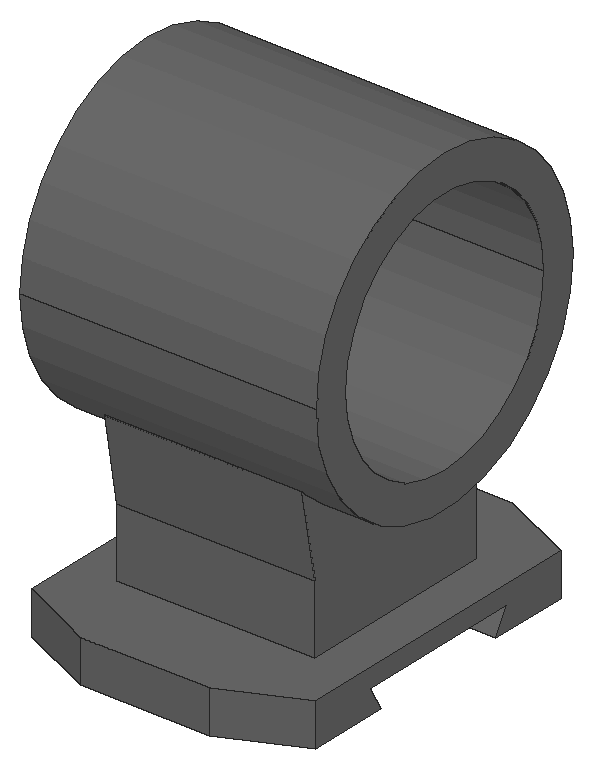
Revit family "wer", category Pipe Accessories, host Face, Revit 2018
Family settings
  Host = Face
  Round Connector Dimension = Use Diameter
  Part Type = Normal
  OmniClass Number = 23.27.43.00
  OmniClass Title = Pipe Fittings
  Cut with Voids When Loaded = No
  Shared = No
Parameters (values of type "D 20")
  URL = "https://www.aignep.com/"
  Tick Size = 32.00 mm
  Radius = Diameter Outside / 2  # 13.50 mm
  QR code = "https://www.bimobject.com/aignep/product/collars-made-in-technopolymeric-with-m6-nut-90815"
  Profile = if(Nominal Diameter = 20.00 mm, 16.64 mm, if(Nominal Diameter = 25.00 mm, 20.00 mm, if(Nominal Diameter = 325.00 mm, 20.00 mm, 24.00 mm)))  # 16.64 mm
  Product url = "https://www.aignep.com/eng/Pipe-fittings-INFINITY/Air-Pipeline-INFINITY-Series/COLLARS-MADE-IN-TECHNOPOLYMERIC-WITH-M6-NUT"
  Product name = "Collars Made In Technopolymeric With M6 Nut - 90815"
  Product group = "Fittings"
  Product family = "INFINITY"
  Product data url = "https://www.bimobject.com/aignep/product/collars-made-in-technopolymeric-with-m6-nut-90815"
  Product certification = "https://www.aignep.com/eng/Certificazioni/FREE-OF-SILICON"
  Product SKU = "Collars-Made-In-Technopolymeric-With-M6-Nut-90815"
  Product Material = AIGNEP - Plastic - Black
  Product Guid = "4f9a4926-dc38-41e9-a2af-7cd52319e393"
  OmniClass Description = "Pipe Fittings"
  OmniClass Code = "23-27 43 00"
  Nominal Diameter = 20 mm
  Model = "90815"
  Material main = "Plastic"
  Manufacturer name = "Aignep Spa"
  Manufacturer country = "Italy"
  Manufacturer = "Aignep Spa"
  Lookup Table Name = "Collars-Made-Technopolymeric-With-M6-Nut-90815"
  Keynote = "15410"
  IFC Classification = "Pipe Fitting"
  Geometry Bottom = or(Nominal Diameter = 20.00 mm, Nominal Diameter = 25.00 mm, Nominal Diameter = 32.00 mm)  # yes
  Edition number = 1
  Distance = if(or(Nominal Diameter = 20.00 mm, Nominal Diameter = 25.00 mm, Nominal Diameter = 32.00 mm), 3.60 mm, 0.00 mm)  # 3.60 mm
  Diameter Outside = Diameter Inside + 6.00 mm  # 27.00 mm
  Diameter Inside = 2 * A - 9.00 mm  # 21.00 mm
  Design country = "Italy"
  Description = "Collars made in technopolymeric with m6 nut"
  Default Elevation = 1219.20 mm
  D1 = size_lookup(Lookup Table Name, "D1", 0.00 mm, Nominal Diameter)  # 9.40 mm
  D = size_lookup(Lookup Table Name, "D", 0.00 mm, Nominal Diameter)  # 17.00 mm
  C = size_lookup(Lookup Table Name, "C", 0.00 mm, Nominal Diameter)  # 26.00 mm
  BIMobject category = "Joints"
  B = size_lookup(Lookup Table Name, "B", 0.00 mm, Nominal Diameter)  # 35.50 mm
  Assembly Code = "D2040100"
  Article Code [instance] = size_lookup(Lookup Table Name, "", " ", Nominal Diameter)  # "90815 00 001"
  A = size_lookup(Lookup Table Name, "A", 0.00 mm, Nominal Diameter)  # 15.00 mm
Types (7, lengths in mm): name | Radius | Profile | Nominal Diameter | Geometry Bottom | Distance | Diameter Outside | Diameter Inside | D1 | D | C | B | Article Code | A
  (no name) | 13.50 | 16.64 | 20 | yes | 3.60 | 27.00 | 21.00 | 9.40 | 17.00 | 26.00 | 35.50 | "90815 00 001" | 15.00
  D 20 | 13.50 | 16.64 | 20 | yes | 3.60 | 27.00 | 21.00 | 9.40 | 17.00 | 26.00 | 35.50 | "90815 00 001" | 15.00
  D 25 | 15.50 | 20.00 | 25 | yes | 3.60 | 31.00 | 25.00 | 8.00 | 22.00 | 26.00 | 39.50 | "90815 00 002" | 17.00
  D 32 | 18.50 | 24.00 | 32 | yes | 3.60 | 37.00 | 31.00 | 10.93 | 25.00 | 40.00 | 44.50 | "90815 00 003" | 20.00
  D 40 | 23.00 | 24.00 | 40 | no | 0.00 | 46.00 | 40.00 | 13.29 | 32.00 | 40.00 | 53.50 | "90815 00 004" | 24.50
  D 50 | 28.50 | 24.00 | 50 | no | 0.00 | 57.00 | 51.00 | 23.05 | 42.00 | 54.00 | 62.00 | "90815 00 005" | 30.00
  D 63 | 34.50 | 24.00 | 63 | no | 0.00 | 69.00 | 63.00 | 14.20 | 50.00 | 54.00 | 73.50 | "90815 00 006" | 36.00
Reference planes
  plane 1 "Center (Front/Back)": y = 0
  plane 2: z = 0
  plane 3 "Center (Left/Right)": x = 0
  plane 4: z = 26
  plane 5: z = 41
  plane 6: y = 17.75
  plane 7: y = -17.75
  plane 8: y = 8.5
  plane 9: y = -8.5
  plane 10: z = 9.4
  plane 11: z = 3.597
Forms (mm)
  Extrusion 1, solid, material "AIGNEP - Plastic - Black" <- "Product Material", visible <- "Geometry Bottom", detail levels fine
    sketch origin (-34.932, 0, 0) x (1, 0, 0) y (0, 1, 0)
      loop
        line (29.489, -15.952) -> (40.376, -15.952) -> (46.932, -12.895) -> (46.932, 12.895) -> (40.376, 15.952) -> (29.489, 15.952) -> (22.932, 12.895) -> (22.932, -12.895) -> (29.489, -15.952)
    from 0 to 3.597
  Extrusion 2, void
    sketch origin (0, 0, 0) x (0, 1, 0) y (0, 0, 1)
      loop
        line (7.205, 2) -> (-7.205, 2) -> (-6.05, 0) -> (6.05, 0) -> (7.205, 2)
    from -19.385 to 12.5
  Extrusion 3, solid, material "AIGNEP - Plastic - Black" <- "Product Material", detail levels fine
    sketch origin (0, 0, 0) x (0, 1, 0) y (0, 0, 1)
      loop
        circle (0, 26) r 13.5
      loop
        circle (0, 26) r 10.5
    from -12.5 to 12.5
  Sweep 4, solid, material "AIGNEP - Plastic - Black" <- "Product Material", detail levels fine
    path origin (0, 0, 0) x (1, 0, 0) y (0, 0, 1)
      loop
        line (-8.32, 0) -> (8.32, 0)
    profile origin (0, 0, 0) x (0, 0, 1) y (0, -1, 0)
      loop
        line (16.702, 9.788) -> (9.4, 8.5) -> (3.6, 8.5) -> (3.6, -8.5) -> (9.4, -8.5) -> (16.702, -9.788)
        arc (16.702, -9.788) -> (12.5, 0) -> (16.702, 9.788) r 13.5
  Sweep 5, solid, material "AIGNEP - Plastic - Black" <- "Product Material", not visible, detail levels fine
    path origin (0, 0, 0) x (1, 0, 0) y (0, 0, 1)
      loop
        line (-0.4, 26) -> (0.4, 26)
    profile origin (0, 0, 26) x (0, 0, 1) y (0, -1, 0)
      loop
        circle (0, 0) r 1.01
Cuts and joins
  Extrusion 2 cuts Extrusion 1
Lines and regions (mm)
  model lines, detail levels coarse+medium
    curve 1: line (-12.5, 0, 26) -> (12.5, 0, 26)
    curve 2: line (0, 0, 26) -> (0, 0, 3.597)
Dimensions and locks
  "C": plane 4 to plane 2
  "A": plane 5 to plane 4
  equal spacing: plane 6, plane 1 "Center (Front/Back)", plane 7
  "B": plane 6 to plane 7
  locked: plane 3 "Center (Left/Right)" to Extrusion 3 at 12.5
  locked: Extrusion 3 to plane 3 "Center (Left/Right)" at 12.5
  equal spacing: plane 8, plane 1 "Center (Front/Back)", plane 9
  "D": plane 8 to plane 9
  "D1": plane 10 to plane 2
  "Distance": Sweep 4 sketch curve to plane 2
  equal spacing: Sweep 4 sketch curve, plane 3 "Center (Left/Right)", Sweep 4 sketch curve
  "Profile": Sweep 4 sketch curve to Sweep 4 sketch curve
  locked: Sweep 5 sketch curve to plane 3 "Center (Left/Right)" at 0.4
  locked: plane 3 "Center (Left/Right)" to Sweep 5 sketch curve at 0.4
  locked: plane 3 "Center (Left/Right)" to curve 1 at 12.5
  locked: curve 1 to plane 3 "Center (Left/Right)" at 12.5
  "Diameter Outside": diameter of Extrusion 3 sketch curve
  "Diameter Inside": diameter of Extrusion 3 sketch curve
  "Radius": radius of Sweep 4 sketch curve
  locked: Sweep 4 sketch curve to plane 10 (angle 80.00°)
  locked: plane 10 to Sweep 4 sketch curve (angle 80.00°)
  aligned and locked: plane 2 to host face
  aligned and locked: level to host face
  aligned and locked: plane 4 to Sweep 4 sketch curve
  aligned and locked: plane 1 "Center (Front/Back)" to Sweep 4 sketch curve
  aligned and locked: plane 10 to Sweep 4 sketch curve  (x2)
  aligned and locked: Sweep 4 sketch curve to plane 8
  aligned and locked: plane 9 to Sweep 4 sketch curve
  aligned and locked: Sweep 5 sketch curve to plane 4
  aligned and locked: curve 1 to plane 4
  aligned and locked: plane 11 to curve 2
Automatic sketch dimensions
  host sketch curve to host sketch curve = 18.32 mm
  host sketch curve to host sketch curve = 17.00 mm
  plane 7 to Extrusion 1 sketch curve = 4.855 mm  (x2)
  Extrusion 1 sketch curve to plane 3 "Center (Left/Right)" = 12.00 mm
  plane 6 to Extrusion 1 sketch curve = 1.798 mm
  Extrusion 1 sketch curve to Extrusion 1 sketch curve = 6.556 mm  (x3)
  plane 7 to Extrusion 1 sketch curve = 1.798 mm
  Extrusion 1 sketch curve to Extrusion 1 sketch curve = 10.888 mm  (x2)
  plane 6 to Extrusion 1 sketch curve = 4.855 mm  (x2)
  Extrusion 2 sketch curve to level = 0.00 mm
  level to Extrusion 2 sketch curve = 2.00 mm
  Extrusion 2 sketch curve to plane 1 "Center (Front/Back)" = 6.05 mm
  Extrusion 2 sketch curve to Extrusion 2 sketch curve = 1.155 mm  (x2)
  plane 1 "Center (Front/Back)" to Extrusion 2 sketch curve = 7.205 mm
  Sweep 5 sketch curve to plane 1 "Center (Front/Back)" = 0.00 mm
  profile plane to Sweep 5 sketch curve = 0.00 mm
  Extrusion 3 sketch curve to Extrusion 3 sketch curve = 0.00 mm  (x2)
  Extrusion 3 sketch curve to plane 1 "Center (Front/Back)" = 0.00 mm
  Extrusion 3 sketch curve to plane 4 = 0.00 mm
  Sweep 4 sketch curve to level = 0.00 mm
  curve 2 to plane 3 "Center (Left/Right)" = 0.00 mm
  radius of Sweep 5 sketch curve = 1.01 mm
Connectors
  piping at (-0.4, 0, 26), diameter 20, driven by "Nominal Diameter"
    settings: on Sweep 5, index 1, connector inside diameter 609.6 mm, connector length 0.00 mm, flow factor 0, pipe flow 0.0 L/s, pressure drop 0.0 Pa, fitting loss kfactor 0, connector angle 0.00°, fixture units 0, engagement length 0.00 mm, angle of deflection 0.00°, flow configuration 0, flow direction 0, fitting loss method 0, system type 28, joint type 0, gender type 0, connector reference index -1, connector utility 0, adjustable connector no, is connector primary yes, connector description ""
  piping at (0.4, 0, 26), diameter 20, driven by "Nominal Diameter"
    settings: on Sweep 5, index 2, connector inside diameter 609.6 mm, connector length 0.00 mm, flow factor 0, pipe flow 0.0 L/s, pressure drop 0.0 Pa, fitting loss kfactor 0, connector angle 0.00°, fixture units 0, engagement length 0.00 mm, angle of deflection 0.00°, flow configuration 0, flow direction 0, fitting loss method 0, system type 28, joint type 0, gender type 0, connector reference index -1, connector utility 0, adjustable connector no, is connector primary no, connector description ""
